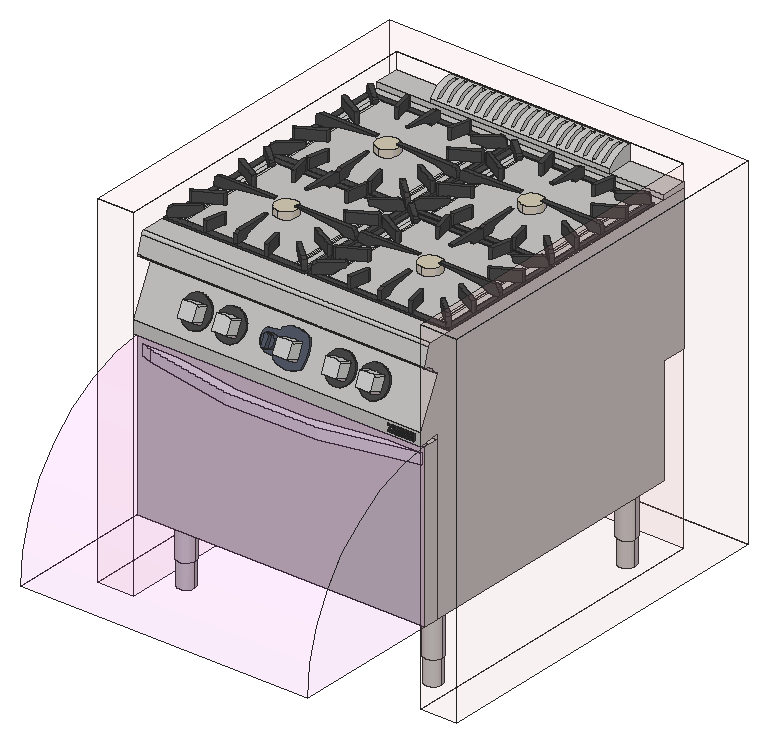
Revit family "QF_ZANUSSI_392031_Z9GCGH4CGM", category Attrezzature speciali, Revit 2020
Family settings
  Quota connettore circolare = Usa diametro
  Tipo di parte = Normale
  Basato su piano di lavoro = No
  Sempre verticale = Sì
  Taglio con vuoti quando caricato = No
  Condiviso = No
  Punto di calcolo locali = No
Parameters (values of type "Standard")
  Weight = 155.00 kg
  Watts = 0 W
  Volts = 0 V
  URL Manufacturer = "http://www.zanussiprofessional.com"
  URL = "http://www.zanussiprofessional.com"
  Steam Supply Size = 0 mm
  Steam Supply Minimum Pressure = 0.0 Pa
  Steam Supply Maximum Pressure = 0.0 Pa
  Steam Consumption per Hour = 0
  Show Logo [instance] = yes
  Show Clearance [instance] = yes
  Refrigeration Suction Line Size = 0 mm
  Refrigeration Liquid Line Size = 0 mm
  Refrigerant Compressor Remote = yes
  Prospetto di default = 0 mm
  Produttore = "Zanussi"
  Phase = 0
  Modello = "Z9GCGH4CGM"
  Length Actual = 800 mm  # constant formula
  Item Number = "392031"
  Hot Water Size = 0 mm
  Height Actual = 850 mm  # constant formula
  HP = "0 HP"
  Gas Size = 12.7 mm
  Gas KW = 48.5
  Gas Input Pressure = 0.476593 W
  Direct Waste Size = 0 mm
  Descrizione = "4X10KW-BURN(CASTIRON)GAS RANGE+OVEN 800"
  Depth Actual = 900 mm  # constant formula
  Cycle = 0 Hz
  Condensate Return Size = 0 mm
  Compressed Air Volume = 0.0 L/s
  Compressed Air Size = 0 mm
  Compressed Air Pressure = 0.0 Pa
  Cold Water Size = 0 mm
  Accessory = yes
Reference planes
  plane 1 "Back": y = 0
  plane 2: z = 0
  plane 3 "Left": x = 0
  plane 4: x = 800
  plane 5: z = 850
  plane 6: x = 400
  plane 7: x = 900
  plane 8: x = -100
  plane 9: y = 100
  plane 10: y = -915
Forms (mm)
  Extrusion 1, solid, material "QF_Finishes_Clearance", visible <- "Show Clearance"
    sketch origin (0, 0, 0) x (1, 0, 0) y (0, 1, 0)
      loop
        line (-100, -915) -> (0, -915) -> (0, 0) -> (800, 0) -> (800, -915) -> (900, -915) -> (900, 100) -> (-100, 100) -> (-100, -915)
    from 0 to 958.9
  Extrusion 2, solid, material "QF_Finishes_Stainless Steel"
    sketch origin (0, 50, 661.213) x (0, 1, 0) y (0, 0, 1)
      loop
        line (-50, 238.788) -> (-50, 253.075) -> (-119.85, 253.075) -> (-119.85, 238.788) -> (-50, 238.788)
    from 0 to 800
  Extrusion 3, solid, material "QF_Finishes_Stainless Steel"
    sketch origin (0, 50, 661.212) x (0, 1, 0) y (0, 0, 1)
      loop
        line (-50, 238.788) -> (-929.358, 238.788)
        arc (-929.358, 238.788) -> (-934.643, 236.598) -> (-936.833, 231.313) r 7.474
        line (-936.833, 231.313) -> (-949.884, 185.798)
        arc (-949.884, 185.798) -> (-949.396, 183.166) -> (-947, 181.971) r 3
        line (-947, 181.971) -> (-936.802, 181.971) -> (-904.982, 150.152) -> (-965, 29.296) -> (-965, -5.704) -> (-908.645, 2.216)
        arc (-908.645, 2.216) -> (-906.101, 1.462) -> (-905, -0.953) r 3.2
        line (-905, -0.953) -> (-905, -462.212) -> (-120, -462.212) -> (-120, -162.212) -> (-50, -162.212) -> (-50, 238.788)
      loop
        line (-950, -11.212) -> (-950, -462.212) -> (-910, -462.212) -> (-910, -11.212) -> (-950, -11.212)
    from 0 to 800
  Extrusion 4, solid, material "QF_Finishes_Door Clearance", visible <- "Show Clearance"
    sketch origin (0, -206.665, 6.362) x (0, 1, 0) y (0, 0, 1)
      loop
        line (-1103.537, 192.638) -> (-683.335, 192.638) -> (-683.335, 645.379)
        arc (-683.335, 645.379) -> (-982.298, 501.484) -> (-1103.537, 192.638) r 454.002
    from 0 to 800
  Extrusion 5, solid, material "QF_Finishes_Stainless Steel"
    sketch origin (-303.042, -201, 191.278) x (-1, 0, 0) y (0, -1, 0)
      loop
        circle (-1052.042, 464) r 6.35
    from -1.278 to 7.722
Dimensions and locks
  plane 3 "Left" to plane 4 = 800 mm
  equal spacing: plane 3 "Left", plane 6, plane 4
  plane 1 "Back" to plane 9 = 100 mm
  plane 4 to plane 7 = 100 mm
  plane 8 to plane 3 "Left" = 100 mm
  plane 1 "Back" to plane 10 = 915 mm
  Extrusion 3 to level = 900 mm
  aligned and locked: level to plane 2
Automatic sketch dimensions
  Extrusion 1 sketch curve to plane 8 = 0 mm
  Extrusion 1 sketch curve to plane 3 "Left" = 0 mm
  plane 1 "Back" to Extrusion 1 sketch curve = 0 mm
  Extrusion 1 sketch curve to plane 4 = 0 mm
  Extrusion 1 sketch curve to plane 7 = 0 mm
  Extrusion 1 sketch curve to plane 10 = 0 mm  (x2)
  Extrusion 1 sketch curve to plane 9 = 0 mm
  Extrusion 2 sketch curve to plane 1 "Back" = 0 mm
  plane 1 "Back" to Extrusion 2 sketch curve = 69.85 mm
  Extrusion 2 sketch curve to plane 5 = 50 mm
  Extrusion 2 sketch curve to Extrusion 2 sketch curve = 14.288 mm
  Extrusion 3 sketch curve to plane 10 = 0 mm
  Extrusion 3 sketch curve to plane 1 "Back" = 0 mm
  plane 10 to Extrusion 3 sketch curve = 15 mm
  plane 5 to Extrusion 3 sketch curve = 2.989 mm
  plane 10 to Extrusion 3 sketch curve = 15.116 mm
  Extrusion 3 sketch curve to Extrusion 3 sketch curve = 2.884 mm
  plane 10 to Extrusion 3 sketch curve = 28.167 mm
  Extrusion 3 sketch curve to Extrusion 3 sketch curve = 10.198 mm
  Extrusion 3 sketch curve to Extrusion 3 sketch curve = 7.474 mm
  Extrusion 3 sketch curve to Extrusion 3 sketch curve = 40 mm
  Extrusion 3 sketch curve to Extrusion 3 sketch curve = 1.355 mm
  Extrusion 3 sketch curve to Extrusion 3 sketch curve = 0.445 mm
  Extrusion 3 sketch curve to Extrusion 3 sketch curve = 5 mm
  Extrusion 3 sketch curve to Extrusion 3 sketch curve = 31.82 mm
  plane 1 "Back" to Extrusion 3 sketch curve = 70 mm
  Extrusion 3 sketch curve to Extrusion 3 sketch curve = 0.827 mm
  plane 5 to Extrusion 3 sketch curve = 38.636 mm
  Extrusion 3 sketch curve to Extrusion 3 sketch curve = 120.856 mm
  Extrusion 3 sketch curve to Extrusion 3 sketch curve = 27.08 mm
  Extrusion 3 sketch curve to Extrusion 3 sketch curve = 35 mm
  Extrusion 3 sketch curve to Extrusion 3 sketch curve = 5.508 mm
  Extrusion 3 sketch curve to plane 5 = 42.526 mm
  Extrusion 4 sketch curve to plane 10 = 395.202 mm
  plane 10 to Extrusion 4 sketch curve = 25 mm
  Extrusion 4 sketch curve to Extrusion 4 sketch curve = 33.8 mm
  plane 4 to Extrusion 5 sketch curve = 51 mm
  plane 10 to Extrusion 5 sketch curve = 250 mm
  plane 5 to Extrusion 3 sketch curve = 351 mm
  level to Extrusion 3 sketch curve = 199 mm  (x2)
  level to Extrusion 4 sketch curve = 199 mm
  radius of Extrusion 5 sketch curve = 6.35 mm
Nested families
  nested 1: "Uscita_Fumi_500" at (400, -34.925, 914.288), type "Uscita_Fumi_500"
  nested 2: "ZANUSSI_BURNER" at (2.5, -458.125, 50), type "ZANUSSI_BURNER"
    with Status "", Specification by User "", Revision Code "", Item Number "", Installed By "", Identify Quantity as Lot yes, Furnished By "", Foodservice Equipment Identifier yes
  nested 3: "ZANUSSI_BURNER" at (2.5, -454.983, 50), type "ZANUSSI_BURNER"
    with Status "", Specification by User "", Revision Code "", Item Number "", Installed By "", Identify Quantity as Lot yes, Furnished By "", Foodservice Equipment Identifier yes
  nested 4: "ZANUSSI_BURNER" at (797.5, -458.125, 50) x (-1, 0, 0) z (0, 0, 1), type "ZANUSSI_BURNER"
    with Status "", Specification by User "", Revision Code "", Item Number "", Installed By "", Identify Quantity as Lot yes, Furnished By "", Foodservice Equipment Identifier yes
  nested 5: "ZANUSSI_BURNER" at (797.5, -454.983, 50) x (-1, 0, 0) z (0, 0, 1), type "ZANUSSI_BURNER"
    with Status "", Specification by User "", Revision Code "", Item Number "", Installed By "", Identify Quantity as Lot yes, Furnished By "", Foodservice Equipment Identifier yes
  nested 6: "CONTROLLER_XP-ZAN" at (698, -884.548, 751.827) x (1, 0, 0) z (0, -0.8956, 0.4448), type "CONTROLLER_XP-ZAN"
  nested 7: "CONTROLLER_XP-ZAN" at (603, -884.548, 751.827) x (1, 0, 0) z (0, -0.8956, 0.4448), type "CONTROLLER_XP-ZAN"
  nested 8: "CONTROLLER_XP-ZAN" at (298, -884.548, 751.827) x (1, 0, 0) z (0, -0.8956, 0.4448), type "CONTROLLER_XP-ZAN"
  nested 9: "CONTROLLER_XP-ZAN" at (203, -884.548, 751.827) x (1, 0, 0) z (0, -0.8956, 0.4448), type "CONTROLLER_XP-ZAN"
  nested 10: "CONTROLLER_DOPPIO_ZAN" at (391.481, -884.548, 751.827) x (1, 0, 0) z (0, -0.8956, 0.4448), type "CONTROLLER_DOPPIO_ZAN"
  nested 11: "ZANUSSI_Logo" at (749.92, -915, 722.184) x (1, 0, 0) z (0, -1, 0), Show Logo <- "Show Logo", visible <- "Show Logo", type "ZANUSSI_Logo"
    with Show Logo yes
  nested 12: "MANIGLIONE_ZANUSSI" at (400, -900, 615.684) x (1, 0, 0) z (0, -1, 0), type "MANIGLIONE_ZANUSSI"
  nested 13: "Piedino 50xH200_par" at (56, -128, 0), type "Piedino 50xH200_par"
    with H 200 mm
  nested 14: "Piedino 50xH200_par" at (744, -128, 0), type "Piedino 50xH200_par"
    with H 200 mm
  nested 15: "Piedino 50xH200_par" at (744, -802, 0), type "Piedino 50xH200_par"
    with H 200 mm
  nested 16: "Piedino 50xH200_par" at (56, -802, 0), type "Piedino 50xH200_par"
    with H 200 mm
Connectors
  piping at (749, -665, 190), diameter 12.7, driven by "Gas Size"
    settings: on Extrusion 5, index 13, connector inside diameter 12.8 mm, connector length 0 mm, flow factor 0, pipe flow 0.0 L/s, pressure drop 0.0 Pa, fitting loss kfactor 0, connector angle 0.00°, fixture units 0, engagement length 0 mm, angle of deflection 0.00°, flow configuration 1, flow direction 1, fitting loss method 0, system type 29, joint type 0, gender type 0, connector reference index -1, connector utility 0, adjustable connector no, is connector primary yes, connector description "Gas Connection"
Definition of nested family "Uscita_Fumi_500"
  Parameters (values of type "Uscita_Fumi_500")
    Default Elevation = 1219.2 mm
  Reference planes
    plane 1 "Centro (Fronte/Retro)": y = 0
    plane 2: z = 0
    plane 3 "Centro (Sinistra/Destra)": x = 0
  Forms (mm)
    Extrusion 1, solid
      sketch origin (0, 0, 0) x (1, 0, 0) y (0, 1, 0)
        loop
          line (-1219.2, 1219.2) -> (-1219.2, -1219.2) -> (1219.2, -1219.2) -> (1219.2, 1219.2) -> (-1219.2, 1219.2)
      from 0 to -304.8
    Extrusion 2, solid
      sketch origin (-150, 34.925, -289.638) x (0, 1, 0) y (0, 0, 1)
        loop
          line (0, 289.638) -> (0, 331.738)
          arc (0, 331.738) -> (-38.857, 324.552) -> (-69.85, 300.038) r 82.056
          line (-69.85, 300.038) -> (-69.85, 289.638) -> (0, 289.638)
      from -100 to 400
    Extrusion 3, void
      sketch origin (-262.5, 34.925, -15) x (0, -1, 0) y (1, 0, 0)
        loop
          line (6.761, 29.703) -> (63.911, 29.703) -> (63.911, 38.999) -> (6.761, 38.999) -> (6.761, 29.703)
        loop
          line (63.911, 64.487) -> (6.761, 64.487) -> (6.761, 55.191) -> (63.911, 55.191) -> (63.911, 64.487)
        loop
          line (63.911, 89.975) -> (6.761, 89.975) -> (6.761, 80.68) -> (63.911, 80.68) -> (63.911, 89.975)
        loop
          line (63.911, 115.464) -> (6.761, 115.464) -> (6.761, 106.168) -> (63.911, 106.168) -> (63.911, 115.464)
        loop
          line (63.911, 140.952) -> (6.761, 140.952) -> (6.761, 131.656) -> (63.911, 131.656) -> (63.911, 140.952)
        loop
          line (63.911, 166.44) -> (6.761, 166.44) -> (6.761, 157.145) -> (63.911, 157.145) -> (63.911, 166.44)
        loop
          line (63.911, 191.929) -> (6.761, 191.929) -> (6.761, 182.633) -> (63.911, 182.633) -> (63.911, 191.929)
        loop
          line (63.911, 217.417) -> (6.761, 217.417) -> (6.761, 208.121) -> (63.911, 208.121) -> (63.911, 217.417)
        loop
          line (63.911, 242.905) -> (6.761, 242.905) -> (6.761, 233.61) -> (63.911, 233.61) -> (63.911, 242.905)
        loop
          line (63.911, 268.394) -> (6.761, 268.394) -> (6.761, 259.098) -> (63.911, 259.098) -> (63.911, 268.394)
        loop
          line (63.911, 293.882) -> (6.761, 293.882) -> (6.761, 284.586) -> (63.911, 284.586) -> (63.911, 293.882)
        loop
          line (63.911, 319.37) -> (6.761, 319.37) -> (6.761, 310.075) -> (63.911, 310.075) -> (63.911, 319.37)
        loop
          line (63.911, 344.859) -> (6.761, 344.859) -> (6.761, 335.563) -> (63.911, 335.563) -> (63.911, 344.859)
        loop
          line (63.911, 370.347) -> (6.761, 370.347) -> (6.761, 361.051) -> (63.911, 361.051) -> (63.911, 370.347)
        loop
          line (63.911, 393.394) -> (6.761, 393.394) -> (6.761, 384.098) -> (63.911, 384.098) -> (63.911, 393.394)
        loop
          line (63.911, 418.882) -> (6.761, 418.882) -> (6.761, 409.586) -> (63.911, 409.586) -> (63.911, 418.882)
        loop
          line (63.911, 444.37) -> (6.761, 444.37) -> (6.761, 435.075) -> (63.911, 435.075) -> (63.911, 444.37)
        loop
          line (63.911, 469.859) -> (6.761, 469.859) -> (6.761, 460.563) -> (63.911, 460.563) -> (63.911, 469.859)
        loop
          line (63.911, 495.347) -> (6.761, 495.347) -> (6.761, 486.051) -> (63.911, 486.051) -> (63.911, 495.347)
      from 25.4 to 63.5
  Cuts and joins
    Extrusion 3 cuts Extrusion 2
  Dimensions and locks
    cut or joined group of Extrusion 2, Extrusion 3 to cut or joined group of Extrusion 2, Extrusion 3 = 500 mm
    aligned and locked: plane 2 to Extrusion 1
    aligned and locked: level to Extrusion 1
Definition of nested family "ZANUSSI_BURNER"
  Parameters (values of type "ZANUSSI_BURNER")
    Weight in Pounds = 0
    URL Cutsheet = ""
    URL = "www.electrolux.com"
    Type Mark [instance] = ""
    Status [instance] = ""
    Specification by User [instance] = ""
    Specification by Manufacturer = ""
    Show Clearance [instance] = yes
    Serial Number = ""
    Seismic Rating = ""
    SMACNA No = ""
    Revision Code [instance] = ""
    Default Elevation = 0 mm
    Omniclass Number and Title = ""
    NAFEM Spec ID Number = ""
    Model = "392010"
    Masterspec = ""
    Manufacturer = "ELECTROLUX"
    Item Number [instance] = ""
    Installed By [instance] = ""
    Identify Quantity as Lot [instance] = yes
    Furnished By [instance] = ""
    Foodservice Equipment Identifier [instance] = yes
    Description = ""
    CSI MasterFormat = ""
    CSI Master Format = ""
  Reference planes
    plane 1 "BACK": y = 0
    plane 2: z = 0
    plane 3 "LEFT": x = 0
    plane 4 "RIGHT": x = 393.7
    plane 5 "FRONT": y = -355.6
    plane 6 "TOP": z = 908.85
    plane 7 "Center Y": x = 196.85
    plane 8 "Center X": y = -177.8
    plane 9 "Base": z = 150
    plane 10: z = 850.85
  Forms (mm)
    Extrusion 1, solid
      sketch origin (-6.433, -404.961, 5) x (1, 0, 0) y (0, 0, -1)
        loop
          arc (7.142, -850.85) -> (6.739, -862.989) -> (9.761, -874.752) r 42.809
          line (9.761, -874.752) -> (19.961, -879.425) -> (173.122, -879.425)
          arc (173.122, -879.425) -> (174.316, -878.312) -> (173.289, -877.043) r 1.197
          line (173.289, -877.043) -> (64.848, -864.021)
          arc (64.848, -864.021) -> (50.111, -858.738) -> (36.589, -850.85) r 85.245
          line (36.589, -850.85) -> (7.142, -850.85)
        loop
          line (399.424, -850.85) -> (369.977, -850.85)
          arc (369.977, -850.85) -> (356.455, -858.738) -> (341.718, -864.021) r 85.245
          line (341.718, -864.021) -> (233.277, -877.043)
          arc (233.277, -877.043) -> (232.25, -878.312) -> (233.444, -879.425) r 1.197
          line (233.444, -879.425) -> (386.605, -879.425) -> (396.806, -874.752)
          arc (396.806, -874.752) -> (399.827, -862.989) -> (399.424, -850.85) r 42.809
      from 224.564 to 234.564
    Extrusion 2, solid
      sketch origin (196.85, 175.397, 1219.2) x (0, 1, 0) y (0, 0, 1)
        loop
          line (-204.463, -363.35) -> (-175.397, -363.35) -> (-175.397, -339.506)
          arc (-175.397, -339.506) -> (-181.025, -338.266) -> (-185.611, -334.775) r 13.39
          line (-185.611, -334.775) -> (-278.903, -334.775)
          arc (-278.903, -334.775) -> (-280.097, -335.888) -> (-279.07, -337.157) r 1.197
          line (-279.07, -337.157) -> (-227.151, -347.464)
          arc (-227.151, -347.464) -> (-213.741, -352.457) -> (-204.463, -363.35) r 28.426
        loop
          arc (-496.332, -363.35) -> (-487.053, -352.457) -> (-473.644, -347.464) r 28.426
          line (-473.644, -347.464) -> (-421.725, -337.157)
          arc (-421.725, -337.157) -> (-420.697, -335.888) -> (-421.891, -334.775) r 1.197
          line (-421.891, -334.775) -> (-515.184, -334.775)
          arc (-515.184, -334.775) -> (-519.769, -338.266) -> (-525.397, -339.506) r 13.39
          line (-525.397, -339.506) -> (-525.397, -363.35) -> (-496.332, -363.35)
      from -5 to 5
    Extrusion 3, solid
      sketch origin (-6.433, 367.064, 850.85) x (0, -1, 0) y (1, 0, 0)
        loop
          line (722.664, 6.433) -> (722.664, 400.133) -> (367.064, 400.133) -> (367.064, 6.433) -> (722.664, 6.433)
        loop
          line (382.064, 21.433) -> (707.664, 21.433) -> (707.664, 385.133) -> (382.064, 385.133) -> (382.064, 21.433)
      from 0 to 5
    Extrusion 4, solid
      sketch origin (-18.933, 367.064, 855.85) x (0, -1, 0) y (1, 0, 0)
        loop
          circle (541.667, 215.783) r 30
      from -1.321 to 17.134
    Extrusion 5, solid
      sketch origin (-6.433, -367.064, 0) x (1, 0, 0) y (0, 0, -1)
        loop
          line (21.433, -855.85) -> (36.589, -855.85)
          arc (36.589, -855.85) -> (40.561, -855.243) -> (44.305, -853.783) r 18.259
          arc (44.305, -853.783) -> (45.997, -853.366) -> (47.69, -853.783) r 3.649
          arc (47.69, -853.783) -> (49.901, -854.522) -> (52.232, -854.529) r 7.328
          line (52.232, -854.529) -> (354.334, -854.529)
          arc (354.334, -854.529) -> (356.666, -854.522) -> (358.877, -853.783) r 7.328
          arc (358.877, -853.783) -> (360.569, -853.366) -> (362.261, -853.783) r 3.649
          arc (362.261, -853.783) -> (366.005, -855.243) -> (369.977, -855.85) r 18.259
          line (369.977, -855.85) -> (385.133, -855.85) -> (385.133, -850.85) -> (21.433, -850.85) -> (21.433, -855.85)
      from 26.464 to 352.064
    Extrusion 6, solid
      sketch origin (83.284, -458.334, 5) x (0.742103, 0.670286, 0) y (0, 0, -1)
        loop
          arc (88.629, -864.012) -> (73.909, -858.731) -> (60.402, -850.85) r 85.245
          line (60.402, -850.85) -> (14.993, -850.85)
          arc (14.993, -850.85) -> (14.642, -862.948) -> (17.686, -874.663) r 42.876
          line (17.686, -874.663) -> (27.899, -879.425) -> (89.664, -879.425)
          arc (89.664, -879.425) -> (92.39, -878.352) -> (93.654, -875.709) r 4
          arc (93.654, -875.709) -> (92.562, -869.25) -> (88.629, -864.012) r 13.87
        loop
          arc (457.638, -864.012) -> (453.704, -869.25) -> (452.613, -875.709) r 13.87
          arc (452.613, -875.709) -> (453.876, -878.352) -> (456.603, -879.425) r 4
          line (456.603, -879.425) -> (518.367, -879.425) -> (528.581, -874.663)
          arc (528.581, -874.663) -> (531.624, -862.948) -> (531.273, -850.85) r 42.876
          line (531.273, -850.85) -> (485.865, -850.85)
          arc (485.865, -850.85) -> (472.357, -858.731) -> (457.638, -864.012) r 85.245
      from 127.064 to 137.064
    Extrusion 7, solid
      sketch origin (310.416, -458.334, 5) x (-0.742103, 0.670286, 0) y (0, 0, 1)
        loop
          arc (88.629, 864.012) -> (92.562, 869.25) -> (93.654, 875.709) r 13.87
          arc (93.654, 875.709) -> (92.39, 878.352) -> (89.664, 879.425) r 4
          line (89.664, 879.425) -> (27.899, 879.425) -> (17.686, 874.663)
          arc (17.686, 874.663) -> (14.642, 862.948) -> (14.993, 850.85) r 42.876
          line (14.993, 850.85) -> (60.402, 850.85)
          arc (60.402, 850.85) -> (73.909, 858.731) -> (88.629, 864.012) r 85.245
        loop
          arc (457.638, 864.012) -> (472.357, 858.731) -> (485.865, 850.85) r 85.245
          line (485.865, 850.85) -> (531.273, 850.85)
          arc (531.273, 850.85) -> (531.624, 862.948) -> (528.581, 874.663) r 42.876
          line (528.581, 874.663) -> (518.367, 879.425) -> (456.603, 879.425)
          arc (456.603, 879.425) -> (453.876, 878.352) -> (452.613, 875.709) r 4
          arc (452.613, 875.709) -> (453.704, 869.25) -> (457.638, 864.012) r 13.87
      from 127.064 to 137.064
    Extrusion 8, solid
      sketch origin (-6.433, 367.064, 855.85) x (0, -1, 0) y (1, 0, 0)
        loop
          arc (626.166, 9.428) -> (632.956, 7.454) -> (634.93, 14.244) r 5
          line (634.93, 14.244) -> (600.514, 76.878)
          arc (600.514, 76.878) -> (593.724, 78.852) -> (591.75, 72.062) r 5
          line (591.75, 72.062) -> (626.166, 9.428)
        loop
          line (463.562, 9.428) -> (497.977, 72.062)
          arc (497.977, 72.062) -> (496.003, 78.852) -> (489.213, 76.878) r 5
          line (489.213, 76.878) -> (454.798, 14.244)
          arc (454.798, 14.244) -> (456.772, 7.454) -> (463.562, 9.428) r 5
        loop
          line (626.166, 397.138) -> (591.75, 334.504)
          arc (591.75, 334.504) -> (593.724, 327.714) -> (600.514, 329.689) r 5
          line (600.514, 329.689) -> (634.93, 392.323)
          arc (634.93, 392.323) -> (632.956, 399.113) -> (626.166, 397.138) r 5
        loop
          arc (463.562, 397.138) -> (456.772, 399.113) -> (454.798, 392.323) r 5
          line (454.798, 392.323) -> (489.213, 329.689)
          arc (489.213, 329.689) -> (496.003, 327.714) -> (497.977, 334.504) r 5
          line (497.977, 334.504) -> (463.562, 397.138)
        loop
          line (715.14, 293.499) -> (666.703, 282.317)
          arc (666.703, 282.317) -> (662.956, 276.32) -> (668.953, 272.573) r 5
          line (668.953, 272.573) -> (717.389, 283.756)
          arc (717.389, 283.756) -> (721.136, 289.752) -> (715.14, 293.499) r 5
        loop
          arc (715.14, 113.067) -> (721.136, 116.814) -> (717.389, 122.811) r 5
          line (717.389, 122.811) -> (668.953, 133.993)
          arc (668.953, 133.993) -> (662.956, 130.246) -> (666.703, 124.249) r 5
          line (666.703, 124.249) -> (715.14, 113.067)
        loop
          arc (374.588, 293.499) -> (368.591, 289.752) -> (372.338, 283.756) r 5
          line (372.338, 283.756) -> (420.775, 272.573)
          arc (420.775, 272.573) -> (426.771, 276.32) -> (423.024, 282.317) r 5
          line (423.024, 282.317) -> (374.588, 293.499)
        loop
          line (374.588, 113.067) -> (423.024, 124.249)
          arc (423.024, 124.249) -> (426.771, 130.246) -> (420.775, 133.993) r 5
          line (420.775, 133.993) -> (372.338, 122.811)
          arc (372.338, 122.811) -> (368.591, 116.814) -> (374.588, 113.067) r 5
      from 0 to 28.575
  Lines and regions (mm)
    symbolic lines
      curve 1: line (157.475, -170.397, 150) -> (157.475, -15, 150)
      curve 2: line (236.225, -170.397, 150) -> (236.225, -15, 150)
      curve 3: arc (158.678, -180.397, 0) -> (170.734, -200.207, 0) -> (191.85, -209.795, 0) r 39.375
      curve 4: line (163.825, -170.397, 150) -> (163.825, -15, 150)
      curve 5: line (229.875, -170.397, 150) -> (229.875, -15, 150)
      curve 6: line (144.775, -170.397, 150) -> (144.775, -15, 150)
      curve 7: line (248.925, -170.397, 150) -> (248.925, -15, 150)
      curve 8: arc (145.678, -180.397, 0) -> (161.728, -209.187, 0) -> (191.85, -222.573, 0) r 52.075
      curve 9: arc (201.85, -209.795, 0) -> (222.966, -200.207, 0) -> (235.022, -180.397, 0) r 39.375
      curve 10: arc (201.85, -222.573, 0) -> (231.931, -209.224, 0) -> (248.001, -180.504, 0) r 52.075
  Dimensions and locks
    equal spacing: plane 3 "LEFT", plane 7 "Center Y", plane 4 "RIGHT"
    plane 3 "LEFT" to plane 4 "RIGHT" = 393.7 mm
    equal spacing: plane 5 "FRONT", plane 8 "Center X", plane 1 "BACK"
    plane 5 "FRONT" to plane 1 "BACK" = 355.6 mm
    plane 6 "TOP" to level = 908.85 mm
    plane 9 "Base" to level = 150 mm
    plane 6 "TOP" to plane 10 = 58 mm  (x2)
    locked: Extrusion 4 sketch curve to plane 7 "Center Y" at 0
    aligned and locked: level to plane 2
  Automatic sketch dimensions
    plane 1 "BACK" to curve 7 = 15 mm
    plane 7 "Center Y" to curve 7 = 52.075 mm
    curve 7 to curve 2 = 12.7 mm
    curve 2 to curve 5 = 6.35 mm
    curve 4 to curve 1 = 6.35 mm
    plane 8 "Center X" to curve 6 = 7.403 mm
    curve 1 to curve 6 = 12.7 mm
    plane 3 "LEFT" to Extrusion 1 sketch curve = 0.709 mm
    plane 3 "LEFT" to Extrusion 1 sketch curve = 3.327 mm
    Extrusion 1 sketch curve to Extrusion 1 sketch curve = 10.201 mm
    plane 10 to Extrusion 1 sketch curve = 5 mm  (x2)
    Extrusion 1 sketch curve to Extrusion 1 sketch curve = 29.447 mm
    Extrusion 1 sketch curve to Extrusion 1 sketch curve = 12.704 mm  (x2)
    Extrusion 1 sketch curve to Extrusion 1 sketch curve = 15.555 mm  (x2)
    plane 3 "LEFT" to Extrusion 1 sketch curve = 79.689 mm
    Extrusion 1 sketch curve to plane 7 "Center Y" = 30.161 mm
    Extrusion 1 sketch curve to Extrusion 1 sketch curve = 0.167 mm  (x2)
    plane 7 "Center Y" to Extrusion 1 sketch curve = 29.994 mm
    Extrusion 1 sketch curve to plane 4 "RIGHT" = 79.689 mm
    plane 10 to Extrusion 1 sketch curve = 18.171 mm
    Extrusion 1 sketch curve to plane 4 "RIGHT" = 58.415 mm
    Extrusion 1 sketch curve to plane 4 "RIGHT" = 13.528 mm
    Extrusion 1 sketch curve to plane 4 "RIGHT" = 3.327 mm
    Extrusion 1 sketch curve to plane 4 "RIGHT" = 0.709 mm
    Extrusion 1 sketch curve to Extrusion 1 sketch curve = 23.902 mm  (x2)
    Extrusion 1 sketch curve to plane 6 "TOP" = 26.807 mm  (x2)
    Extrusion 1 sketch curve to Extrusion 1 sketch curve = 1.185 mm  (x2)
    Extrusion 1 sketch curve to Extrusion 1 sketch curve = 5.694 mm
    Extrusion 2 sketch curve to plane 1 "BACK" = 0 mm
    plane 1 "BACK" to Extrusion 2 sketch curve = 10.213 mm
    plane 10 to Extrusion 2 sketch curve = 5 mm  (x2)
    plane 1 "BACK" to Extrusion 2 sketch curve = 29.066 mm
    plane 10 to Extrusion 2 sketch curve = 20.886 mm
    Extrusion 2 sketch curve to Extrusion 2 sketch curve = 22.688 mm  (x2)
    Extrusion 2 sketch curve to plane 10 = 7.392 mm  (x2)
    Extrusion 2 sketch curve to plane 6 "TOP" = 24.425 mm
    Extrusion 2 sketch curve to Extrusion 2 sketch curve = 51.752 mm
    Extrusion 2 sketch curve to plane 6 "TOP" = 26.807 mm  (x2)
    Extrusion 2 sketch curve to Extrusion 2 sketch curve = 0.167 mm  (x2)
    Extrusion 2 sketch curve to plane 8 "Center X" = 68.528 mm
    Extrusion 2 sketch curve to plane 5 "FRONT" = 60.248 mm
    Extrusion 2 sketch curve to Extrusion 2 sketch curve = 2.895 mm
    Extrusion 2 sketch curve to plane 5 "FRONT" = 15.813 mm
    Extrusion 2 sketch curve to plane 5 "FRONT" = 5.6 mm
    Extrusion 2 sketch curve to Extrusion 2 sketch curve = 4.731 mm
    Extrusion 2 sketch curve to Extrusion 2 sketch curve = 23.844 mm
    Extrusion 2 sketch curve to Extrusion 2 sketch curve = 1.185 mm
    plane 1 "BACK" to Extrusion 3 sketch curve = 0 mm
    Extrusion 3 sketch curve to plane 3 "LEFT" = 0 mm
    plane 5 "FRONT" to Extrusion 3 sketch curve = 0 mm
    Extrusion 3 sketch curve to plane 4 "RIGHT" = 0 mm
    plane 1 "BACK" to Extrusion 3 sketch curve = 15 mm
    Extrusion 3 sketch curve to plane 5 "FRONT" = 15 mm
    plane 3 "LEFT" to Extrusion 3 sketch curve = 15 mm
    Extrusion 3 sketch curve to plane 4 "RIGHT" = 15 mm
    Extrusion 3 to Extrusion 4 sketch curve = 159.603 mm
    Extrusion 5 sketch curve to plane 10 = 0 mm
    plane 3 "LEFT" to Extrusion 5 sketch curve = 15 mm
    Extrusion 5 sketch curve to Extrusion 5 sketch curve = 14.402 mm
    plane 10 to Extrusion 5 sketch curve = 5 mm
    Extrusion 5 sketch curve to Extrusion 5 sketch curve = 15.156 mm
    plane 10 to Extrusion 5 sketch curve = 2.933 mm  (x3)
    Extrusion 5 sketch curve to Extrusion 5 sketch curve = 7.716 mm  (x2)
    Extrusion 5 sketch curve to Extrusion 5 sketch curve = 0 mm  (x3)
    Extrusion 5 sketch curve to Extrusion 5 sketch curve = 1.692 mm  (x2)
    Extrusion 5 sketch curve to Extrusion 5 sketch curve = 3.385 mm  (x2)
    Extrusion 5 sketch curve to plane 10 = 3.559 mm  (x2)
    plane 10 to Extrusion 5 sketch curve = 3.679 mm
    Extrusion 5 sketch curve to plane 4 "RIGHT" = 45.799 mm
    Extrusion 5 sketch curve to Extrusion 5 sketch curve = 1.143 mm
    Extrusion 5 sketch curve to plane 10 = 13.244 mm
    Extrusion 5 sketch curve to plane 4 "RIGHT" = 15 mm
    plane 10 to Extrusion 6 sketch curve = 5 mm  (x2)
    Extrusion 6 sketch curve to Extrusion 6 sketch curve = 2.692 mm  (x2)
    Extrusion 6 sketch curve to Extrusion 6 sketch curve = 10.213 mm  (x2)
    plane 10 to Extrusion 6 sketch curve = 12.281 mm
    Extrusion 6 sketch curve to Extrusion 6 sketch curve = 29.348 mm  (x2)
    Extrusion 6 sketch curve to Extrusion 6 sketch curve = 3.155 mm  (x2)
    Extrusion 6 sketch curve to Extrusion 6 sketch curve = 22.572 mm
    Extrusion 6 sketch curve to Extrusion 6 sketch curve = 8.81 mm
    Extrusion 6 sketch curve to Extrusion 6 sketch curve = 9.845 mm  (x2)
    Extrusion 6 sketch curve to Extrusion 6 sketch curve = 3.99 mm  (x2)
    Extrusion 6 sketch curve to Extrusion 6 sketch curve = 0 mm  (x2)
    Extrusion 6 sketch curve to Extrusion 6 sketch curve = 49.533 mm
    Extrusion 6 sketch curve to plane 10 = 64.377 mm
    Extrusion 6 sketch curve to Extrusion 6 sketch curve = 326.397 mm
    Extrusion 6 sketch curve to plane 6 "TOP" = 28.141 mm
    Extrusion 6 sketch curve to Extrusion 6 sketch curve = 16.281 mm
    Extrusion 6 sketch curve to Extrusion 6 sketch curve = 1.035 mm
    Extrusion 6 sketch curve to Extrusion 6 sketch curve = 19.417 mm
    Extrusion 6 sketch curve to Extrusion 6 sketch curve = 4.763 mm  (x2)
    Extrusion 6 sketch curve to Extrusion 6 sketch curve = 3.716 mm
    plane 10 to Extrusion 7 sketch curve = 5 mm  (x2)
    Extrusion 7 sketch curve to Extrusion 7 sketch curve = 2.692 mm  (x2)
    Extrusion 7 sketch curve to Extrusion 7 sketch curve = 10.213 mm  (x2)
    plane 10 to Extrusion 7 sketch curve = 12.281 mm
    Extrusion 7 sketch curve to Extrusion 7 sketch curve = 29.348 mm  (x2)
    Extrusion 7 sketch curve to Extrusion 7 sketch curve = 3.155 mm  (x2)
    Extrusion 7 sketch curve to Extrusion 7 sketch curve = 22.572 mm
    Extrusion 7 sketch curve to Extrusion 7 sketch curve = 8.81 mm
    Extrusion 7 sketch curve to Extrusion 7 sketch curve = 9.845 mm  (x2)
    Extrusion 7 sketch curve to Extrusion 7 sketch curve = 3.99 mm  (x2)
    Extrusion 7 sketch curve to Extrusion 7 sketch curve = 0 mm  (x2)
    Extrusion 7 sketch curve to Extrusion 7 sketch curve = 21.306 mm
    Extrusion 7 sketch curve to plane 10 = 64.377 mm  (x2)
    Extrusion 7 sketch curve to Extrusion 7 sketch curve = 326.397 mm
    Extrusion 7 sketch curve to plane 6 "TOP" = 28.141 mm
    Extrusion 7 sketch curve to Extrusion 7 sketch curve = 16.281 mm
    Extrusion 7 sketch curve to Extrusion 7 sketch curve = 1.035 mm
    Extrusion 7 sketch curve to Extrusion 7 sketch curve = 19.417 mm
    Extrusion 7 sketch curve to Extrusion 7 sketch curve = 7.281 mm
    Extrusion 7 sketch curve to Extrusion 7 sketch curve = 10.713 mm
    curve 3 to curve 8 = 0 mm  (x2)
    curve 3 to curve 9 = 0 mm  (x2)
    curve 3 to curve 10 = 0 mm  (x2)
    curve 3 to plane 7 "Center Y" = 0 mm
    curve 8 to plane 8 "Center X" = 2.597 mm
    curve 8 to plane 7 "Center Y" = 51.172 mm
    curve 3 to plane 8 "Center X" = 2.597 mm
    curve 8 to curve 3 = 12.999 mm
    curve 3 to plane 7 "Center Y" = 5 mm
    curve 8 to plane 7 "Center Y" = 5 mm
    plane 7 "Center Y" to curve 10 = 5 mm
    curve 9 to plane 8 "Center X" = 2.597 mm
    plane 7 "Center Y" to curve 9 = 38.172 mm
    curve 10 to plane 8 "Center X" = 2.704 mm
    curve 9 to curve 10 = 12.979 mm
    curve 10 to plane 8 "Center X" = 44.773 mm
    Extrusion 8 sketch curve to Extrusion 3 = 5.275 mm  (x2)
    Extrusion 8 sketch curve to Extrusion 8 sketch curve = 1.125 mm  (x16)
    Extrusion 3 to Extrusion 8 sketch curve = 38.711 mm  (x2)
    Extrusion 8 sketch curve to Extrusion 3 = 7.19 mm  (x3)
    Extrusion 3 to Extrusion 8 sketch curve = 72.734 mm  (x2)
    Extrusion 8 sketch curve to Extrusion 8 sketch curve = 4.382 mm  (x16)
    Extrusion 8 sketch curve to Extrusion 3 = 2.995 mm  (x4)
    Extrusion 8 sketch curve to Extrusion 8 sketch curve = 34.416 mm  (x4)
    Extrusion 3 to Extrusion 8 sketch curve = 50.629 mm  (x3)
    Extrusion 8 sketch curve to Extrusion 8 sketch curve = 93.773 mm  (x2)
    Extrusion 3 to Extrusion 8 sketch curve = 40.96 mm  (x2)
    Extrusion 8 sketch curve to Extrusion 3 = 7.476 mm  (x2)
    Extrusion 8 sketch curve to Extrusion 8 sketch curve = 2.408 mm  (x4)
    Extrusion 3 to Extrusion 8 sketch curve = 91.634 mm  (x2)
    Extrusion 8 sketch curve to Extrusion 8 sketch curve = 4.872 mm  (x8)
    Extrusion 8 sketch curve to Extrusion 8 sketch curve = 11.182 mm  (x4)
    Extrusion 3 to Extrusion 8 sketch curve = 112.56 mm
    Extrusion 8 sketch curve to Extrusion 8 sketch curve = 61.931 mm
    Extrusion 3 to Extrusion 8 sketch curve = 55.445 mm
    Extrusion 8 sketch curve to Extrusion 8 sketch curve = 4.816 mm
    plane 7 "Center Y" to curve 9 = 5 mm
    plane 8 "Center X" to curve 4 = 7.403 mm
    curve 4 to plane 7 "Center Y" = 33.025 mm
    plane 1 "BACK" to curve 1 = 15 mm
    plane 1 "BACK" to curve 5 = 15 mm
    curve 5 to curve 2 = 0 mm  (x2)
    curve 1 to curve 4 = 0 mm  (x2)
    curve 6 to curve 1 = 0 mm
    plane 8 "Center X" to curve 2 = 7.403 mm
    plane 8 "Center X" to curve 7 = 7.403 mm
    radius of Extrusion 4 sketch curve = 30 mm
Definition of nested family "CONTROLLER_XP-ZAN"
  Parameters (values of type "CONTROLLER_XP-ZAN")
    Default Elevation = 0 mm
  Reference planes
    plane 1 "Centro (Fronte/Retro)": y = 0
    plane 2: z = 0
    plane 3 "Centro (Sinistra/Destra)": x = 0
    plane 4: x = -51.067
    plane 5: x = 51.067
    plane 6: x = 93.481
    plane 7: x = -93.481
  Forms (mm)
    Extrusion 1, solid
      sketch origin (0, 0, 0) x (1, 0, 0) y (0, 1, 0)
        loop
          line (-1219.2, 1219.2) -> (-1219.2, -1219.2) -> (1219.2, -1219.2) -> (1219.2, 1219.2) -> (-1219.2, 1219.2)
      from 0 to -304.8
    Extrusion 2, solid
      sketch origin (-46.381, -48.923, 0) x (1, 0, 0) y (0, 1, 0)
        loop
          circle (-4.687, 48.923) r 42.414
      from 0 to 3.175
    Blend 3, solid
      base sketch origin (-46.381, -48.923, 3.175) x (1, 0, 0) y (0, 1, 0)
        loop
          line (-23.687, 25.923) -> (14.313, 25.923)
          arc (14.313, 25.923) -> (17.142, 27.095) -> (18.313, 29.923) r 4
          line (18.313, 29.923) -> (18.313, 66.519)
          arc (18.313, 66.519) -> (17.342, 69.132) -> (14.901, 70.476) r 4
          arc (14.901, 70.476) -> (-4.687, 71.923) -> (-24.275, 70.476) r 133.25
          arc (-24.275, 70.476) -> (-26.716, 69.132) -> (-27.687, 66.519) r 4
          line (-27.687, 66.519) -> (-27.687, 29.923)
          arc (-27.687, 29.923) -> (-26.515, 27.095) -> (-23.687, 25.923) r 4
      top sketch origin (-46.381, -48.923, 3.175) x (1, 0, 0) y (0, 1, 0)
        loop
          line (-25.687, 66.519) -> (-25.687, 29.923)
          arc (-25.687, 29.923) -> (-25.101, 28.509) -> (-23.687, 27.923) r 2
          line (-23.687, 27.923) -> (14.313, 27.923)
          arc (14.313, 27.923) -> (15.727, 28.509) -> (16.313, 29.923) r 2
          line (16.313, 29.923) -> (16.313, 66.519)
          arc (16.313, 66.519) -> (15.828, 67.825) -> (14.607, 68.498) r 2
          arc (14.607, 68.498) -> (-4.687, 69.923) -> (-23.981, 68.498) r 131.25
          arc (-23.981, 68.498) -> (-25.201, 67.825) -> (-25.687, 66.519) r 2
      from 0 to 33
  Lines and regions (mm)
    Split face 1
      outline origin (-46.381, -48.923, 36.175) x (1, 0, 0) y (0, 1, 0)
        loop
          line (-6.687, 69.908) -> (-6.687, 62.923) -> (-2.687, 62.923) -> (-2.687, 69.908)
  Dimensions and locks
    aligned and locked: plane 2 to Extrusion 1
    aligned and locked: level to Extrusion 1
Definition of nested family "CONTROLLER_DOPPIO_ZAN"
  Parameters (values of type "CONTROLLER_DOPPIO_ZAN")
    Default Elevation = 1219.2 mm
  Reference planes
    plane 1 "Centro (Fronte/Retro)": y = 0
    plane 2: z = 0
    plane 3 "Centro (Sinistra/Destra)": x = 0
  Forms (mm)
    Extrusion 1, solid
      sketch origin (0, 0, 0) x (1, 0, 0) y (0, 1, 0)
        loop
          line (-1219.2, 1219.2) -> (-1219.2, -1219.2) -> (1219.2, -1219.2) -> (1219.2, 1219.2) -> (-1219.2, 1219.2)
      from 0 to -304.8
    Extrusion 2, solid
      sketch origin (-514.313, -66.838, -0.005) x (0, 1, 0.000275) y (-1, 0, 0)
        loop
          arc (104.31, -502.587) -> (101.304, -501.269) -> (98.251, -500.06) r 91.047
          arc (98.251, -500.06) -> (96.593, -482.459) -> (93.213, -465.107) r 179.528
          arc (93.213, -465.107) -> (69.244, -452.795) -> (45.274, -465.107) r 29.489
          arc (45.274, -465.107) -> (38.909, -481.441) -> (37.449, -498.912) r 61.044
          arc (37.449, -498.912) -> (34.471, -499.962) -> (31.532, -501.116) r 91.066
          arc (31.532, -501.116) -> (19.069, -540.041) -> (31.818, -578.873) r 66.256
          arc (31.818, -578.873) -> (68.058, -585.586) -> (104.006, -577.452) r 91.478
          arc (104.006, -577.452) -> (115.815, -540.067) -> (104.31, -502.587) r 65.933
      from 0 to 3.175
    Extrusion 3, solid
      sketch origin (-193.063, -68.823, 3.169) x (0, 1, 0.000275) y (-1, 0, 0)
        loop
          circle (68.826, -160.963) r 18.37
      from 0 to 12.7
    Extrusion 4, solid
      sketch origin (-194.354, -68.826, 15.869) x (0, 1, 0.000275) y (-1, 0, 0)
        loop
          arc (84.808, -167.687) -> (85.476, -161.901) -> (84.808, -156.114) r 25.4
          line (84.808, -156.114) -> (52.844, -156.114)
          arc (52.844, -156.114) -> (52.176, -161.901) -> (52.844, -167.687) r 25.4
          line (52.844, -167.687) -> (84.808, -167.687)
      from 0 to 8.112
    Blend 5, solid
      base sketch origin (30.393, -48.221, 3.19) x (1, 0, 0) y (0, 1, 0)
        loop
          line (-23.687, 25.923) -> (14.313, 25.923)
          arc (14.313, 25.923) -> (17.142, 27.095) -> (18.313, 29.923) r 4
          line (18.313, 29.923) -> (18.313, 66.519)
          arc (18.313, 66.519) -> (17.342, 69.132) -> (14.901, 70.476) r 4
          arc (14.901, 70.476) -> (-4.687, 71.923) -> (-24.275, 70.476) r 133.25
          arc (-24.275, 70.476) -> (-26.716, 69.132) -> (-27.687, 66.519) r 4
          line (-27.687, 66.519) -> (-27.687, 29.923)
          arc (-27.687, 29.923) -> (-26.515, 27.095) -> (-23.687, 25.923) r 4
      top sketch origin (30.393, -48.221, 3.19) x (1, 0, 0) y (0, 1, 0)
        loop
          line (-25.687, 66.519) -> (-25.687, 29.923)
          arc (-25.687, 29.923) -> (-25.101, 28.509) -> (-23.687, 27.923) r 2
          line (-23.687, 27.923) -> (14.313, 27.923)
          arc (14.313, 27.923) -> (15.727, 28.509) -> (16.313, 29.923) r 2
          line (16.313, 29.923) -> (16.313, 66.519)
          arc (16.313, 66.519) -> (15.828, 67.825) -> (14.607, 68.498) r 2
          arc (14.607, 68.498) -> (-4.687, 69.923) -> (-23.981, 68.498) r 131.25
          arc (-23.981, 68.498) -> (-25.201, 67.825) -> (-25.687, 66.519) r 2
      from 0 to 33
  Lines and regions (mm)
    Split face 1
      outline origin (30.393, -48.221, 36.19) x (1, 0, 0) y (0, 1, 0)
        loop
          line (-6.687, 69.908) -> (-6.687, 62.923) -> (-2.687, 62.923) -> (-2.687, 69.908)
  Dimensions and locks
    aligned and locked: plane 2 to Extrusion 1
    aligned and locked: level to Extrusion 1
Definition of nested family "ZANUSSI_Logo"
  Parameters (values of type "ZANUSSI_Logo")
    Show Logo [instance] = yes
    Default Elevation = 1219.2 mm
  Reference planes
    plane 1 "Center (Front/Back)": y = -49
    plane 2: z = 0
    plane 3 "Center (Left/Right)": x = -9.92
  Forms (mm)
    Extrusion 1, solid
      sketch origin (0, 0, 0) x (1, 0, 0) y (0, 1, 0)
        loop
          line (-1219.2, 1219.2) -> (-1219.2, -1219.2) -> (1219.2, -1219.2) -> (1219.2, 1219.2) -> (-1219.2, 1219.2)
      from 0 to -304.8
    Extrusion 2, solid, visible <- "Show Logo"
      sketch origin (106.353, -215.165, -50) x (1, 0, 0) y (0, 1, 0)
        loop
          line (-137.419, 156.48) -> (-137.419, 160.444) -> (-143.365, 160.444) -> (-137.419, 172.566) -> (-137.419, 175.851) -> (-147.274, 175.851) -> (-147.274, 172.226) -> (-142.063, 172.339) -> (-147.728, 160.444) -> (-147.728, 156.48) -> (-137.419, 156.48)
        loop
          line (-131.729, 163.73) -> (-129.463, 163.73) -> (-130.596, 172.54) -> (-131.729, 163.73)
        loop
          line (-132.748, 156.48) -> (-132.182, 160.218) -> (-128.897, 160.218) -> (-128.33, 156.48) -> (-124.252, 156.48) -> (-127.877, 175.851) -> (-133.315, 175.851) -> (-136.826, 156.48) -> (-132.748, 156.48)
        loop
          line (-123.75, 175.851) -> (-123.75, 156.48) -> (-120.238, 156.48) -> (-120.238, 169.281) -> (-116.953, 156.48) -> (-112.648, 156.48) -> (-112.648, 175.851) -> (-116.273, 175.851) -> (-116.273, 163.503) -> (-119.558, 175.851) -> (-123.75, 175.851)
        loop
          arc (-111.742, 161.27) -> (-106.896, 156.448) -> (-101.433, 160.558) r 5.22
          line (-101.433, 160.558) -> (-101.433, 175.851) -> (-105.398, 175.851) -> (-105.398, 161.464)
          arc (-105.398, 161.464) -> (-106.44, 160.263) -> (-107.777, 161.124) r 1.214
          line (-107.777, 161.124) -> (-107.777, 175.851) -> (-111.742, 175.851) -> (-111.742, 161.27)
        loop
          line (-94.069, 169.734) -> (-90.331, 169.734) -> (-90.269, 171.495)
          arc (-90.269, 171.495) -> (-90.53, 173.458) -> (-91.761, 175.009) r 3.719
          arc (-91.761, 175.009) -> (-95.38, 176.189) -> (-98.998, 175.009) r 6.139
          arc (-98.998, 175.009) -> (-100.474, 172.145) -> (-100.291, 168.927) r 6.125
          arc (-100.291, 168.927) -> (-99.079, 167.149) -> (-97.591, 165.594) r 13.068
          line (-97.591, 165.594) -> (-95.921, 164.113)
          arc (-95.921, 164.113) -> (-94.934, 163.275) -> (-94.167, 162.233) r 5.571
          arc (-94.167, 162.233) -> (-94.357, 160.41) -> (-96.143, 160.003) r 1.573
          arc (-96.143, 160.003) -> (-96.681, 160.547) -> (-96.911, 161.277) r 1.631
          arc (-96.911, 161.277) -> (-96.929, 161.791) -> (-96.911, 162.305) r 7.441
          arc (-96.911, 162.305) -> (-96.895, 162.791) -> (-96.911, 163.277) r 7.03
          line (-96.911, 163.277) -> (-100.866, 163.277)
          arc (-100.866, 163.277) -> (-100.828, 160.504) -> (-99.735, 157.955) r 7.131
          arc (-99.735, 157.955) -> (-94.571, 156.484) -> (-90.221, 159.633) r 6.148
          arc (-90.221, 159.633) -> (-90.141, 162.884) -> (-91.536, 165.823) r 7.021
          line (-91.536, 165.823) -> (-95.882, 169.734)
          arc (-95.882, 169.734) -> (-96.47, 170.472) -> (-96.785, 171.362) r 2.858
          arc (-96.785, 171.362) -> (-95.666, 172.959) -> (-94.069, 171.84) r 1.379
          line (-94.069, 171.84) -> (-94.069, 169.734)
        loop
          line (-82.771, 169.734) -> (-79.033, 169.734) -> (-78.971, 171.495)
          arc (-78.971, 171.495) -> (-79.232, 173.458) -> (-80.463, 175.009) r 3.719
          arc (-80.463, 175.009) -> (-84.081, 176.189) -> (-87.7, 175.009) r 6.139
          arc (-87.7, 175.009) -> (-89.175, 172.145) -> (-88.993, 168.927) r 6.125
          arc (-88.993, 168.927) -> (-87.781, 167.149) -> (-86.293, 165.594) r 13.068
          line (-86.293, 165.594) -> (-84.623, 164.113)
          arc (-84.623, 164.113) -> (-83.636, 163.275) -> (-82.869, 162.233) r 5.571
          arc (-82.869, 162.233) -> (-83.059, 160.41) -> (-84.845, 160.003) r 1.573
          arc (-84.845, 160.003) -> (-85.383, 160.547) -> (-85.613, 161.277) r 1.631
          arc (-85.613, 161.277) -> (-85.631, 161.791) -> (-85.613, 162.305) r 7.441
          arc (-85.613, 162.305) -> (-85.596, 162.791) -> (-85.613, 163.277) r 7.03
          line (-85.613, 163.277) -> (-89.568, 163.277)
          arc (-89.568, 163.277) -> (-89.53, 160.504) -> (-88.437, 157.955) r 7.131
          arc (-88.437, 157.955) -> (-83.272, 156.484) -> (-78.922, 159.633) r 6.148
          arc (-78.922, 159.633) -> (-78.843, 162.884) -> (-80.238, 165.823) r 7.021
          line (-80.238, 165.823) -> (-84.584, 169.734)
          arc (-84.584, 169.734) -> (-85.171, 170.472) -> (-85.486, 171.362) r 2.858
          arc (-85.486, 171.362) -> (-84.368, 172.959) -> (-82.771, 171.84) r 1.379
          line (-82.771, 171.84) -> (-82.771, 169.734)
        loop
          line (-78.21, 175.851) -> (-78.21, 156.48) -> (-74.245, 156.48) -> (-74.245, 175.851) -> (-78.21, 175.851)
      from 50 to 51.6
  Dimensions and locks
    aligned and locked: plane 2 to Extrusion 1
    aligned and locked: level to Extrusion 1
Definition of nested family "MANIGLIONE_ZANUSSI"
  Parameters (values of type "MANIGLIONE_ZANUSSI")
    Default Elevation = 1219.2 mm
  Reference planes
    plane 1 "Centro (Fronte/Retro)": y = 0
    plane 2: z = 0
    plane 3 "Centro (Sinistra/Destra)": x = 0
  Forms (mm)
    Extrusion 1, solid
      sketch origin (0, 0, 0) x (1, 0, 0) y (0, 1, 0)
        loop
          line (-1219.2, 1219.2) -> (-1219.2, -1219.2) -> (1219.2, -1219.2) -> (1219.2, 1219.2) -> (-1219.2, 1219.2)
      from 0 to -304.8
    Extrusion 2, solid
      sketch origin (-704.429, -415, -700) x (-1, 0, 0) y (0, 0, 1)
        loop
          line (-1094.429, 700) -> (-1000.824, 700)
          arc (-1000.824, 700) -> (-704.429, 736.431) -> (-408.034, 700) r 1223.931
          line (-408.034, 700) -> (-314.429, 700)
          arc (-314.429, 700) -> (-331.418, 705.445) -> (-348.483, 710.648) r 1249.902
          arc (-348.483, 710.648) -> (-722.269, 762.275) -> (-1094.429, 700) r 1249.902
      from 400 to 430
  Dimensions and locks
    aligned and locked: plane 2 to Extrusion 1
    aligned and locked: level to Extrusion 1
Definition of nested family "Piedino 50xH200_par"
  Parameters (values of type "Piedino 50xH200_par")
    Default Elevation = 0 mm
    H [instance] = 200 mm
  Reference planes
    plane 1 "Centro (Fronte/Retro)": y = 0
    plane 2: z = 0
    plane 3 "Centro (Sinistra/Destra)": x = 0
  Forms (mm)
    Revolve 1, solid
      sketch origin (55, 0, 0) x (-1, 0, 0) y (0, 0, -1)
        loop
          line (55, 0) -> (32.1, 0) -> (32.1, -69.05) -> (29.6, -69.05) -> (29.6, -200) -> (55, -200) -> (55, 0)
        axis (55, 0) -> (55, -200)
      angle from 0 to 360
  Dimensions and locks
    "H": Revolve 1 to plane 2
    aligned and locked: level to plane 2
  Automatic sketch dimensions
    Revolve 1 sketch curve to level = 0 mm
    Revolve 1 sketch curve to plane 3 "Centro (Sinistra/Destra)" = 0 mm  (x2)
    plane 3 "Centro (Sinistra/Destra)" to Revolve 1 sketch curve = 22.9 mm
    Revolve 1 sketch curve to Revolve 1 sketch curve = 2.5 mm
    level to Revolve 1 sketch curve = 69.05 mm
    Revolve 1 sketch curve to Revolve 1 sketch curve = 130.95 mm
    Revolve 1 sketch curve to Revolve 1 sketch curve = 0 mm
    Revolve 1 sketch curve to Revolve 1 sketch curve = 20 mm
